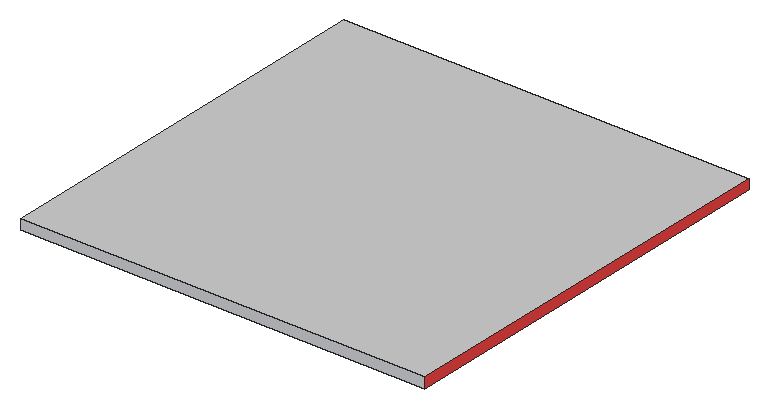
Revit family "GRIFO DUCHA EMPOTRABLE KILY 3 VIAS", category Aparatos sanitarios, Revit 2015
Parameters (values of type "4957200")
  URL = "http://www.griferiasgalindo.com/ducha/kily/grifo-ducha-empotrable-kily-3-vias?c=es"
  Teléfono = "(+34) 915 782 575"
  TIPO DE AGUA = ""
  REFERENCIA = "4957200"
  Presión Máxima = ""
  PESO BRUTO = ""
  Modelo = "KILY"
  Material = LATON CROMADO
  Imagen de tipo = <Ninguno>
  Fabricante = "PRESTO IBÉRICA"
  Default Elevation = 1219.2 mm
  ENTRADA = "Entradas hembra de 1/2\""
  Descripción = "Mecanismo monomando de ducha con 3 vías Kily. Colección de líneas refinadas y elegantes que se adaptan a todo tipo de ambientes. Su original maneta de forma ondulada destaca en inclinación del escultural diseño del cuerpo del grifo. Una grifería que decora el espacio de baño con personalidad siendo piezas prácticas y ergonómicas muy confortables con el toque de distinción perfecto."
  Código de montaje = "C1030220"
  Contacto = "info@prestoiberica.com"
  Conexión AF = yes
  Conexión AC = yes
  Comentarios de tipo = "◦Mecanismo monomando ducha empotrable de 3 vías\r\n◦Acabado Cromo\r\n◦Cartucho con discos cerámicos de diámetro 35 mm\r\n◦Entradas hembra de 1/2\""
  CIERRE = ""
  CAUDAL = "10 l/min a 3 bar"
  Accionamiento = "Por maneta"
Reference planes
  plane 1 "Centro (Frontal/Posterior)": y = 0
  plane 2: z = 0
  plane 3 "Centro (Izquierda/Derecha)": x = 0
Forms (mm)
  Extrusion 1, solid
    sketch origin (0, 0, 0) x (1, 0, 0) y (0, 1, 0)
      loop
        line (-100, 100) -> (-100, -100) -> (100, -100) -> (100, 100) -> (-100, 100)
    from 0 to -5
Dimensions and locks
  Extrusion 1 sketch curve to plane 1 "Centro (Frontal/Posterior)" = 100 mm
  aligned and locked: plane 2 to Extrusion 1
  aligned and locked: level to Extrusion 1
Connectors
  piping at (-26.2, -36.497, -46.5), diameter 12.7
    settings: on import instance, index 1, connector inside diameter 609.6 mm, connector length 0 mm, flow factor 0, pipe flow 0.0 L/s, pressure drop 0.0 Pa, fitting loss kfactor 0, connector angle 0.00°, fixture units 0, engagement length 0 mm, angle of deflection 0.00°, flow configuration 0, flow direction 1, fitting loss method 0, system type 19, joint type 0, gender type 0, connector reference index -1, connector utility 0, adjustable connector no, is connector primary yes, connector description ""
  piping at (-34, 33.503, -46.5), diameter 19.1
    settings: on import instance, index 2, connector inside diameter 609.6 mm, connector length 0 mm, flow factor 0, pipe flow 0.0 L/s, pressure drop 0.0 Pa, fitting loss kfactor 0, connector angle 0.00°, fixture units 0, engagement length 0 mm, angle of deflection 0.00°, flow configuration 0, flow direction 2, fitting loss method 0, system type 7, joint type 0, gender type 0, connector reference index -1, connector utility 0, adjustable connector no, is connector primary no, connector description ""
  piping at (26.2, -36.497, -46.5), diameter 12.7
    settings: on import instance, index 3, connector inside diameter 609.6 mm, connector length 0 mm, flow factor 0, pipe flow 0.0 L/s, pressure drop 0.0 Pa, fitting loss kfactor 0, connector angle 0.00°, fixture units 0, engagement length 0 mm, angle of deflection 0.00°, flow configuration 0, flow direction 1, fitting loss method 0, system type 20, joint type 0, gender type 0, connector reference index -1, connector utility 0, adjustable connector no, is connector primary no, connector description ""
  piping at (34, 33.503, -46.5), diameter 19.1
    settings: on import instance, index 4, connector inside diameter 609.6 mm, connector length 0 mm, flow factor 0, pipe flow 0.0 L/s, pressure drop 0.0 Pa, fitting loss kfactor 0, connector angle 0.00°, fixture units 0, engagement length 0 mm, angle of deflection 0.00°, flow configuration 0, flow direction 2, fitting loss method 0, system type 7, joint type 0, gender type 0, connector reference index -1, connector utility 0, adjustable connector no, is connector primary no, connector description ""
  piping at (0, 67.503, -46.5), diameter 19.1
    settings: on import instance, index 5, connector inside diameter 609.6 mm, connector length 0 mm, flow factor 0, pipe flow 0.0 L/s, pressure drop 0.0 Pa, fitting loss kfactor 0, connector angle 0.00°, fixture units 0, engagement length 0 mm, angle of deflection 0.00°, flow configuration 0, flow direction 2, fitting loss method 0, system type 7, joint type 0, gender type 0, connector reference index -1, connector utility 0, adjustable connector no, is connector primary no, connector description ""
